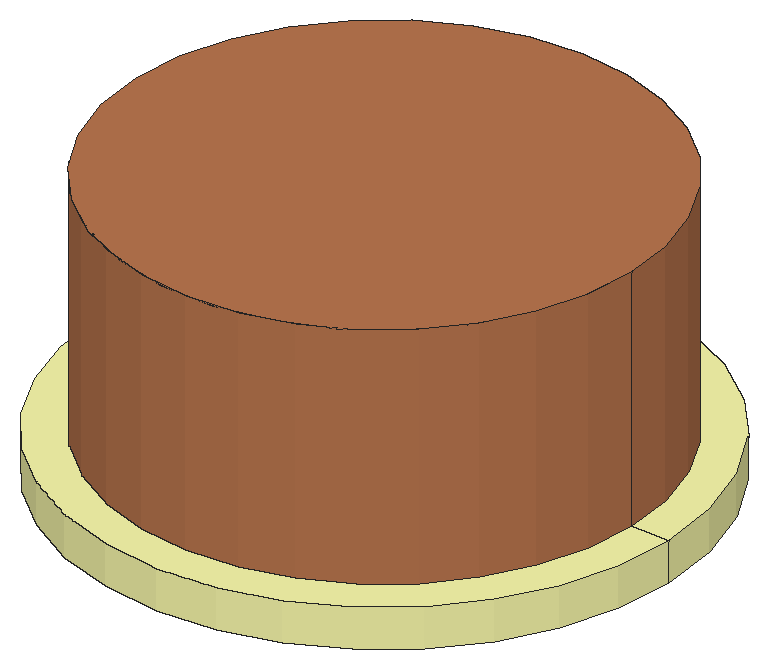
Revit family "ES_Presense Detector", category Lighting Devices, Revit 2013
Reference planes
  plane 1 "Center (Front/Back)": y = 0
  plane 2: z = 0
  plane 3 "Center (Left/Right)": x = 0
  plane 4: x = -37.5
  plane 5: x = 37.5
  plane 6: x = -32.5
  plane 7: x = 32.5
  plane 8: z = 68
  plane 9: z = -5
  plane 10: z = -8.6
  plane 11: z = -15
  plane 12: x = -10
  plane 13: x = 10
Forms (mm)
  Revolve 1, solid, material "Face Plate"
    sketch origin (0, 0, 0) x (1, 0, 0) y (0, 0, 1)
      loop
        line (-37.5, 0) -> (-37.5, -5) -> (-10, -8.6) -> (0, -8.6) -> (0, 0) -> (-37.5, 0)
      axis (0, 0) -> (0, -8.6)
    angle from 0 to 360
  Revolve 2, solid, material "Light Body"
    sketch origin (0, 0, 0) x (1, 0, 0) y (0, 0, 1)
      loop
        arc (-10, -8.6) -> (-5.919, -13.236) -> (0, -15) r 11.189
        line (0, -15) -> (0, -8.6) -> (-10, -8.6)
      axis (0, -8.6) -> (0, -15)
    angle from 0 to 360
  Extrusion 3, solid, material "Light Body"
    sketch origin (0, 0, 0) x (1, 0, 0) y (0, 1, 0)
      loop
        circle (0, 0) r 32.624
    from 0 to 30
Dimensions and locks
  aligned and locked: level to plane 2
Nested families
  nested 1: "SW_PIR" at (0, 0, 0), type "SW_PIR"
Connectors
  electrical at (0, 0, 30)
    settings: on Extrusion 3, index 1, voltage 230 V, apparent load 0 VA, apparent load phase1 0 VA, apparent load phase2 0 VA, apparent load phase3 0 VA, power factor 1, load classification "Other", number of poles 1, system type 31, power factor state 1, is connector primary yes, connector utility no, sub classification motor no, connector description ""
Definition of nested family "SW_PIR"
  Reference planes
    plane 1: y = 0
    plane 2: x = 0
  Lines and regions (mm)
    detail lines, style "Switch Symbols"
      curve 1: line (0, -1.97, 0) -> (1.706, 0.985, 0)
      curve 2: line (1.706, 0.985, 0) -> (-1.706, 0.985, 0)
      curve 3: line (-1.706, 0.985, 0) -> (0, -1.97, 0)
      curve 4: line (0.5, 2.285, 0) -> (0.5, 1.285, 0)
      curve 5: line (-0.5, 1.285, 0) -> (-0.5, 2.285, 0)
      curve 6: line (1.5, 2.285, 0) -> (1.5, 1.285, 0)
      curve 7: line (-1.5, 1.285, 0) -> (-1.5, 2.285, 0)
      curve 8: line (1.729, -1.575, 0) -> (0.863, -1.075, 0)
      curve 9: line (1.363, -0.209, 0) -> (2.229, -0.709, 0)
      curve 10: line (1.229, -2.441, 0) -> (0.363, -1.941, 0)
      curve 11: line (1.863, 0.657, 0) -> (2.729, 0.157, 0)
      curve 12: line (-2.229, -0.709, 0) -> (-1.363, -0.209, 0)
      curve 13: line (-0.863, -1.075, 0) -> (-1.729, -1.575, 0)
      curve 14: line (-2.729, 0.157, 0) -> (-1.863, 0.657, 0)
      curve 15: line (-0.363, -1.941, 0) -> (-1.229, -2.441, 0)
